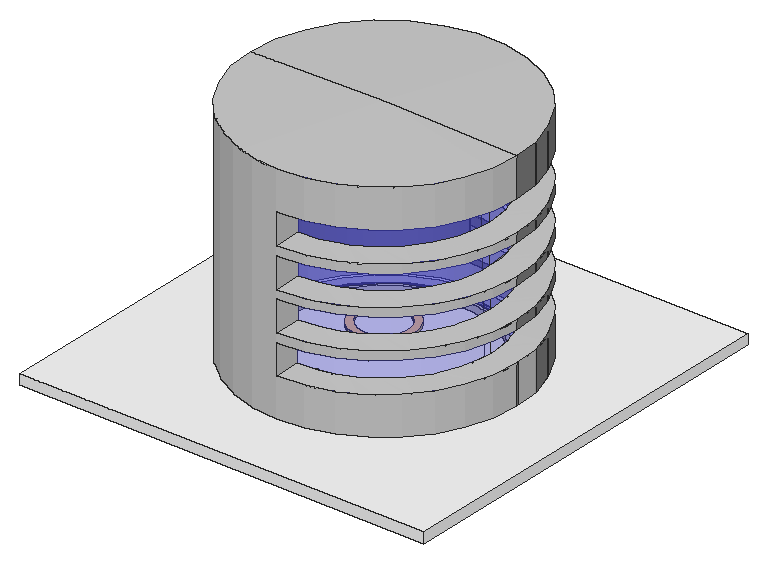
Revit family "BE_99778_de_DE", category Leuchten, Revit 2015
Parameters (values of type "BEGA_99778_Silber_K4")
  built-in parameter 1150104 = 12.482 (stored number, unit not read)
  Werkzeuglos = ""
  Wattage = 29.4 W
  Default Elevation = 0 mm
  built-in parameter 1150113 = 1 (stored number, unit not read)
  built-in parameter 1114218 = 1 (stored number, unit not read)
  Umgebungstemperatur = "25 °C"
  URL = "http://www.bega.de/produkt/99778"
  Typenkommentare = "© 2015 BEGA. Wir behalten uns das Recht vor, technische Änderungen ohne vorherige Ankündigung vorzunehmen."  # constant formula
  Type Image = 99778.png
  built-in parameter 1150134 = 12
  built-in parameter 1150109 = 1 (stored number, unit not read)
  Strom = ""
  built-in parameter 1150110 = 1 (stored number, unit not read)
  Spannung = 0 V
  Sonderanfertigung = no
  Seriennummer [instance] = "Hier können Sie die eindeutige Seriennummer für das Facility Management eintragen."
  Schutzklasse = "I"
  Schutzart = "IP 65"
  Scheinlast = 0 VA
  Produktdatenblatt = "http://www.bega.de/download/datenblaetter/de/99778.pdf"
  Oberflächentemperatur = ""
  Neigungswinkel = 0.00°
  Modell = "99778AK4"
  Material_18 = BEGA_Gummi_schwarz
  Material_17 = BEGA_Reflektor
  Material_15 = BEGA_Leuchtmedium_matt
  Material_11 = BEGA_Glas_opal
  Material_06 = BEGA_Oberfläche_Edelstahl_gebürstet
  Material_02 = BEGA_Oberfläche_Silber_matt
  Material_01 [instance] = BEGA_Oberfläche_Grafit_matt
  M_G = no
  M_A = yes
  Logo = 0
  built-in parameter 1114217 = 1 (stored number, unit not read)
  built-in parameter 1150139 = (empty or 0)
  built-in parameter 1150105 = 314.32 (stored number, unit not read)
  built-in parameter 1150114 = 1 (stored number, unit not read)
  Lumens = 3949.89 lm
  built-in parameter 1150115 = 1 (stored number, unit not read)
  Leuchtenlichtstrom = "768 lm"
  Leuchtenanzahl = ""
  Lebensdauerkriterien = "L70 = 50.000 h"
  Lastklassifizierung = Beleuchtung
  built-in parameter 1150112 = 1 (stored number, unit not read)
  Lampenlichtstrom = "3950 lm"
  Lampe = "LED 29.4 W"
  LED_Modulbezeichnung = "LED-0556/840"
  built-in parameter 1150142 = (empty or 0)
  Hersteller = "BEGA"  # constant formula
  Gewicht = ""
  Gebrauchslageneinschränkung [instance] = ""
  Frequenz = "0/50-60 Hz"
  Farbwiedergabeindex = "Ra > 80"
  Farbtemperaturverschiebung bei Dämpfen der Lampe = <Keine Auswahl>
  Farbtemperatur = "4000 K"
  Color Filter = 16777215
  built-in parameter 1150133 = 10 (stored number, unit not read)
  Energieeffizienzklasse = "LED A++ - A"
  built-in parameter 1150137 = (empty or 0)
  built-in parameter 1150132 = (empty or 0)
  ENEC = ""
  Datei für fotometrisches Netz = "BE_99778K4.IES"
  CE_Konformität = "ja"
  Bestellnummer = "99778AK4"
  Beschreibung_Sonderanfertigung = "Hier können Sie Informationen zur Sonderanfertigung eintragen."
  Beschreibung = "Pollerleuchtenkopf"
  built-in parameter 1150106 = 3.1432 (stored number, unit not read)
  BEGA_Intern_aus = yes
  BEGA_Intern_an = yes
  BEGA_Intern_Konstruktion = yes
  BEGA_Intern = yes
  BEGA_IES = yes
  BEGA_Dummy = no
  Anschlussleistung [instance] = "1.0 m X05BQ-F 5 G 1²"
  built-in parameter 1150107 = 4000 (stored number, unit not read)
  built-in parameter 1150102 = (empty or 0)
  built-in parameter 1150138 = (empty or 0)
  Aktualisierung = "2015-12-08T04:08:23"
  AC/DC = "AC/DC"
Types (5, lengths in mm): name | built-in parameter 1150134 | Modell | M_G | M_A | LED_Modulbezeichnung | Farbtemperatur | Datei für fotometrisches Netz | Bestellnummer | built-in parameter 1150107
  (no name) | 12 | "99778AK4" | no | yes | "LED-0556/840" | "4000 K" | "BE_99778K4.IES" | "99778AK4" | 4000 (stored number, unit not read)
  BEGA_99778_Grafit_K4 | 12 | "99778K4" | yes | no | "LED-0556/840" | "4000 K" | "BE_99778K4.IES" | "99778K4" | 4000 (stored number, unit not read)
  BEGA_99778_Grafit_K3 | (empty or 0) | "99778" | yes | no | "LED-0556/830" | "3000 K" | "BE_99778.IES" | "99778" | 3000 (stored number, unit not read)
  BEGA_99778_Silber_K4 | 12 | "99778AK4" | no | yes | "LED-0556/840" | "4000 K" | "BE_99778K4.IES" | "99778AK4" | 4000 (stored number, unit not read)
  BEGA_99778_Silber_K3 | (empty or 0) | "99778A" | no | yes | "LED-0556/830" | "3000 K" | "BE_99778.IES" | "99778A" | 3000 (stored number, unit not read)
Reference planes
  plane 1 "Mitte (Vorne/Hinten)": y = 0
  plane 2: z = 0
  plane 3 "Mitte (Links/Rechts)": x = 0
  plane 4 "Links": x = -132
  plane 5 "Rechts": x = 132
  plane 6 "Unten": y = -132.003
  plane 7 "Oben": y = 132
  plane 8 "Vorne": z = 224.104
  plane 9 "Hinten": z = -133.75
Forms (mm)
  Extrusion 1, solid, material "BEGA_Platte_Weiss"
    sketch origin (0, -1119.2, 0) x (1, 0, 0) y (0, 1, 0)
      loop
        line (-200, 1319.2) -> (-200, 919.2) -> (200, 919.2) -> (200, 1319.2) -> (-200, 1319.2)
    from 0 to -10
  Extrusion 2, solid, material "BEGA_Dummy_matt", visible <- "BEGA_Dummy"
    sketch origin (77.149, -76.023, 0) x (1, 0, 0) y (0, 1, 0)
      loop
        circle (-77.149, 76.023) r 132
    from 0 to 25.379
Dimensions and locks
  plane 1 "Mitte (Vorne/Hinten)" to Extrusion 1 = 200 mm
  aligned and locked: plane 2 to Extrusion 1
  aligned and locked: level to Extrusion 1
Nested families
  nested 1: "BE_99778_Pollerkopf" at (0, 0, 0), type "BE_99778_Pollerkopf"
    with BEGA_Infotext_Winkel no
Connectors
  electrical at (0, 0, 0), driven by "Lastklassifizierung", driven by "Spannung", driven by "Scheinlast"
    settings: index 1, voltage 0 V, apparent load 0 VA, apparent load phase1 0 VA, apparent load phase2 0 VA, apparent load phase3 0 VA, power factor 1, load classification "Beleuchtung", number of poles 1, system type 31, power factor state 1, is connector primary yes, connector utility no, sub classification motor no, connector description ""
Definition of nested family "BE_99778_Pollerkopf"
  Parameters (values of type "BE_99778_Pollerkopf")
    Default Elevation = 1 mm
    URL = "http://www.bega.de/de/produkt"
    Type Comments = "© 2015 BEGA. Wir behalten uns das Recht vor, technische Änderungen ohne vorherige Ankündigung vorzunehmen. "  # constant formula
    Type Image = Bega_Revit_Typenbild_78x78.png
    Material_18 = none
    Material_15 = none
    Material_11 = none
    Material_02 = none
    Material_01 = none
    M_G = yes
    M_A = yes
    Länge_Platte = 300 mm  # constant formula
    Höhe_Platte = -10 mm  # constant formula
    Manufacturer = "BEGA"  # constant formula
    Breite_Platte = 300 mm  # constant formula
    BEGA_Infotext_Winkel [instance] = no
    Aktualisierung = "Stand: 25.03.2015"  # constant formula
  Reference planes
    plane 1 "Mitte (Oben/Unten)": y = 0
    plane 2: z = 0
    plane 3 "Mitte (Links/Rechts)": x = 0
    plane 4: x = -132
    plane 5: x = 132
    plane 6: z = 224.104
    plane 7: y = -132.003
    plane 8: y = 132
    plane 9: z = -133.75
  Forms (mm)
    Extrusion 1, solid, detail levels medium
      sketch origin (0, 0, 0) x (1, 0, 0) y (0, 1, 0)
        loop
          line (-150, 150) -> (-150, -150) -> (150, -150) -> (150, 150) -> (-150, 150)
      from 0 to -10 <- "Höhe_Platte"
    Revolve 2, solid, material <- "Material_01", visible <- "M_G", detail levels medium+fine
      sketch origin (0, 0, 0) x (1, 0, 0) y (0, 0, 1)
        loop
          line (0, 223.804) -> (-132, 221.5) -> (-132, 0) -> (-128, 0) -> (-127.424, 33) -> (-107.465, 33) -> (-105, 209.5) -> (-86.85, 209.5) -> (-86.675, 214.5) -> (0, 214.5) -> (0, 223.804)
        axis (0, 223.804) -> (0, 0)
      angle from 0 to 360
    Revolve 3, solid, material <- "Material_11", detail levels medium+fine
      sketch origin (0, 0, 0) x (1, 0, 0) y (0, 0, 1)
        loop
          arc (-95.929, 196.648) -> (-94.123, 200.793) -> (-89.936, 202.5) r 6
          line (-89.936, 202.5) -> (0, 202.5) -> (0, 208.5) -> (-100.465, 208.5)
          arc (-100.465, 208.5) -> (-102.568, 207.64) -> (-103.464, 205.552) r 3
          line (-103.464, 205.552) -> (-107, 3) -> (-101, 3) -> (-95.929, 196.648)
        axis (0, 208.5) -> (0, 3)
      angle from 0 to 360
    Revolve 4, solid, material <- "Material_01", visible <- "M_G", detail levels medium+fine
      sketch origin (0, 0, 0) x (1, 0, 0) y (0, 0, 1)
        loop
          line (-116.636, -33) -> (-113.865, -30.229) -> (-113.693, -25.5) -> (-98.202, -25.5) -> (-97.592, -42.946)
          arc (-97.592, -42.946) -> (-97.273, -43.969) -> (-96.471, -44.681) r 2
          line (-96.471, -44.681) -> (-92.729, -46.5) -> (-89.105, -46.5)
          arc (-89.105, -46.5) -> (-88.411, -46.22) -> (-88.106, -45.537) r 1
          line (-88.106, -45.537) -> (-88.034, -43.464)
          arc (-88.034, -43.464) -> (-87.729, -42.78) -> (-87.034, -42.5) r 1
          line (-87.034, -42.5) -> (-33.611, -42.5) -> (-32.5, -55.2) -> (-29.5, -55.2) -> (-28.389, -42.5) -> (-6, -42.5) -> (-6, -38) -> (-93.163, -38)
          arc (-93.163, -38) -> (-93.857, -37.72) -> (-94.162, -37.036) r 1
          line (-94.162, -37.036) -> (-95.7, 7) -> (-98.621, 7) -> (-98.9, -1) -> (-108, -1) -> (-108.105, 2) -> (-121, 2) -> (-121, -8) -> (-117.5, -8) -> (-117.5, -27.5) -> (-120.5, -30.5) -> (-120.5, -33) -> (-116.636, -33)
        axis (0, 7) -> (0, -55.2)
      angle from 0 to 360
    Revolve 5, solid, material <- "Material_01", visible <- "M_G", detail levels medium+fine
      sketch origin (0, 0, 0) x (1, 0, 0) y (0, 0, 1)
        loop
          line (-33.8, -59.2) -> (-29.3, -59.2) -> (-28.596, -99.544)
          arc (-28.596, -99.544) -> (-27.848, -101.283) -> (-26.096, -102) r 2.5
          line (-26.096, -102) -> (-12.587, -102) -> (-12.5, -107) -> (-7.691, -107) -> (-7.6, -100.2) -> (-24.749, -100.2)
          arc (-24.749, -100.2) -> (-26.151, -99.627) -> (-26.749, -98.235) r 2
          line (-26.749, -98.235) -> (-27.5, -55.2) -> (-33.87, -55.2) -> (-33.8, -59.2)
        axis (0, -55.2) -> (0, -107)
      angle from 0 to 360
    Revolve 6, solid, material <- "Material_18", detail levels medium+fine
      sketch origin (0, 0, 0) x (1, 0, 0) y (0, 0, 1)
        loop
          line (0, -133.75) -> (0, -102) -> (-6.93, -102) -> (-6.93, -107.75) -> (-9.5, -107.75) -> (-9.5, -112.75) -> (-7.6, -112.75) -> (-7.6, -118.25) -> (-9.5, -118.25) -> (-9.5, -128.154) -> (-9.197, -129.55)
          arc (-9.197, -129.55) -> (-7.967, -132.52) -> (-4.997, -133.75) r 4.2
          line (-4.997, -133.75) -> (0, -133.75)
        axis (0, -102) -> (0, -133.75)
      angle from 0 to 360
    Extrusion 7, solid, material <- "Material_15", detail levels medium+fine
      sketch origin (0, 0, 0) x (1, 0, 0) y (0, 1, 0)
        loop
          circle (0, 0) r 30.5
        loop
          circle (0, 0) r 23.629
      from 27 to 29.32
    Revolve 8, void
      sketch origin (0, 0, 0) x (1, 0, 0) y (0, 0, 1)
        loop
          line (142.531, 183.868) -> (104.69, 182.546) -> (104.69, 154.454) -> (142.531, 153.132) -> (142.531, 183.868)
        loop
          line (105.053, 144.059) -> (105.544, 115.924) -> (142.531, 114.632) -> (142.531, 145.368) -> (105.053, 144.059)
        loop
          line (105.905, 105.589) -> (105.905, 77.411) -> (142.531, 76.132) -> (142.531, 106.868) -> (105.905, 105.589)
        loop
          line (106.265, 67.101) -> (106.758, 38.882) -> (142.531, 37.632) -> (142.531, 68.368) -> (106.265, 67.101)
        axis (0, 183.868) -> (0, 37.632)
      angle from -90 to 90
    Revolve 9, solid, material <- "Material_02", visible <- "M_A", detail levels medium+fine
      sketch origin (0, 0, 0) x (1, 0, 0) y (0, 0, 1)
        loop
          line (0, 223.804) -> (-132, 221.5) -> (-132, 0) -> (-128, 0) -> (-127.424, 33) -> (-107.465, 33) -> (-105, 209.5) -> (-86.85, 209.5) -> (-86.675, 214.5) -> (0, 214.5) -> (0, 223.804)
        axis (0, 223.804) -> (0, 0)
      angle from 0 to 360
    Revolve 10, solid, material <- "Material_02", visible <- "M_A", detail levels medium+fine
      sketch origin (0, 0, 0) x (1, 0, 0) y (0, 0, 1)
        loop
          line (-116.636, -33) -> (-113.865, -30.229) -> (-113.693, -25.5) -> (-98.202, -25.5) -> (-97.592, -42.946)
          arc (-97.592, -42.946) -> (-97.273, -43.969) -> (-96.471, -44.681) r 2
          line (-96.471, -44.681) -> (-92.729, -46.5) -> (-89.105, -46.5)
          arc (-89.105, -46.5) -> (-88.411, -46.22) -> (-88.106, -45.537) r 1
          line (-88.106, -45.537) -> (-88.034, -43.464)
          arc (-88.034, -43.464) -> (-87.729, -42.78) -> (-87.034, -42.5) r 1
          line (-87.034, -42.5) -> (-33.611, -42.5) -> (-32.5, -55.2) -> (-29.5, -55.2) -> (-28.389, -42.5) -> (-6, -42.5) -> (-6, -38) -> (-93.163, -38)
          arc (-93.163, -38) -> (-93.857, -37.72) -> (-94.162, -37.036) r 1
          line (-94.162, -37.036) -> (-95.7, 7) -> (-98.621, 7) -> (-98.9, -1) -> (-108, -1) -> (-108.105, 2) -> (-121, 2) -> (-121, -8) -> (-117.5, -8) -> (-117.5, -27.5) -> (-120.5, -30.5) -> (-120.5, -33) -> (-116.636, -33)
        axis (0, 7) -> (0, -55.2)
      angle from 0 to 360
    Revolve 11, solid, material <- "Material_02", visible <- "M_A", detail levels medium+fine
      sketch origin (0, 0, 0) x (1, 0, 0) y (0, 0, 1)
        loop
          line (-33.8, -59.2) -> (-29.3, -59.2) -> (-28.596, -99.544)
          arc (-28.596, -99.544) -> (-27.848, -101.283) -> (-26.096, -102) r 2.5
          line (-26.096, -102) -> (-12.587, -102) -> (-12.5, -107) -> (-7.691, -107) -> (-7.6, -100.2) -> (-24.749, -100.2)
          arc (-24.749, -100.2) -> (-26.151, -99.627) -> (-26.749, -98.235) r 2
          line (-26.749, -98.235) -> (-27.5, -55.2) -> (-33.87, -55.2) -> (-33.8, -59.2)
        axis (0, -55.2) -> (0, -107)
      angle from 0 to 360
  Cuts and joins
    Revolve 8 cuts Revolve 2
    Revolve 8 cuts Revolve 9
  Dimensions and locks
    equal spacing: Extrusion 1 sketch curve, plane 3 "Mitte (Links/Rechts)", Extrusion 1 sketch curve
    equal spacing: Extrusion 1 sketch curve, plane 1 "Mitte (Oben/Unten)", Extrusion 1 sketch curve
    "Länge_Platte": Extrusion 1 sketch curve to Extrusion 1 sketch curve
    "Breite_Platte": Extrusion 1 sketch curve to Extrusion 1 sketch curve
    plane 1 "Mitte (Oben/Unten)" to Extrusion 1 = 150 mm  (x3)
    aligned and locked: Extrusion 1 to plane 2
    aligned and locked: level to Extrusion 1
  Automatic sketch dimensions
    Revolve 3 sketch curve to Revolve 3 sketch curve = 3 mm
    Revolve 3 sketch curve to Revolve 3 sketch curve = 0.052 mm
    level to Revolve 3 sketch curve = 3 mm
    Revolve 3 sketch curve to Revolve 3 sketch curve = 6 mm  (x2)
    Revolve 3 sketch curve to Revolve 3 sketch curve = 0 mm  (x2)
    Revolve 3 sketch curve to Revolve 3 sketch curve = 4.536 mm
    Revolve 3 sketch curve to Revolve 3 sketch curve = 5.998 mm
    Revolve 3 sketch curve to Revolve 3 sketch curve = 0.005 mm
    Revolve 3 sketch curve to plane 3 "Mitte (Links/Rechts)" = 0 mm  (x2)
    Revolve 4 sketch curve to level = 42.946 mm
    Revolve 4 sketch curve to plane 3 "Mitte (Links/Rechts)" = 97.592 mm
    Revolve 4 sketch curve to level = 44.681 mm
    Revolve 4 sketch curve to Revolve 4 sketch curve = 1.121 mm
    Revolve 4 sketch curve to Revolve 4 sketch curve = 1.999 mm
    Revolve 4 sketch curve to level = 25.5 mm
    Revolve 4 sketch curve to Revolve 4 sketch curve = 0.609 mm
    Revolve 4 sketch curve to Revolve 4 sketch curve = 15.492 mm
    Revolve 4 sketch curve to level = 30.229 mm
    Revolve 4 sketch curve to Revolve 4 sketch curve = 0.171 mm
    Revolve 4 sketch curve to Revolve 4 sketch curve = 2.771 mm
    Revolve 4 sketch curve to Revolve 4 sketch curve = 3.807 mm
    Revolve 4 sketch curve to level = 27.5 mm
    Revolve 4 sketch curve to Revolve 4 sketch curve = 3.864 mm
    Revolve 4 sketch curve to level = 30.5 mm
    level to Revolve 4 sketch curve = 7 mm
    Revolve 4 sketch curve to Revolve 4 sketch curve = 21.8 mm
    Revolve 4 sketch curve to level = 37.036 mm
    Revolve 4 sketch curve to Revolve 4 sketch curve = 1.431 mm
    Revolve 4 sketch curve to Revolve 4 sketch curve = 3.743 mm
    Revolve 4 sketch curve to Revolve 4 sketch curve = 2.5 mm
    Revolve 4 sketch curve to level = 8 mm
    Revolve 4 sketch curve to Revolve 4 sketch curve = 0.999 mm  (x3)
    Revolve 4 sketch curve to Revolve 4 sketch curve = 0.036 mm  (x2)
    Revolve 4 sketch curve to plane 3 "Mitte (Links/Rechts)" = 6 mm
    Revolve 4 sketch curve to Revolve 4 sketch curve = 4.695 mm
    Revolve 4 sketch curve to Revolve 4 sketch curve = 0.072 mm
    Revolve 4 sketch curve to Revolve 4 sketch curve = 27.611 mm
    Revolve 4 sketch curve to Revolve 4 sketch curve = 2.072 mm
    Revolve 4 sketch curve to Revolve 4 sketch curve = 0.037 mm
    Revolve 4 sketch curve to Revolve 4 sketch curve = 1.111 mm
    Revolve 4 sketch curve to Revolve 4 sketch curve = 3 mm
    Revolve 4 sketch curve to Revolve 4 sketch curve = 5.222 mm
    Revolve 4 sketch curve to Revolve 4 sketch curve = 12.7 mm
    Revolve 4 sketch curve to Revolve 4 sketch curve = 0 mm
    Revolve 4 sketch curve to Revolve 4 sketch curve = 4.5 mm
    level to Revolve 4 sketch curve = 2 mm
    Revolve 4 sketch curve to Revolve 4 sketch curve = 12.405 mm
    Revolve 4 sketch curve to level = 1 mm
    Revolve 4 sketch curve to Revolve 4 sketch curve = 0.105 mm
    Revolve 4 sketch curve to Revolve 4 sketch curve = 3.2 mm
    Revolve 4 sketch curve to Revolve 4 sketch curve = 2.921 mm
    Revolve 4 sketch curve to Revolve 4 sketch curve = 3.5 mm
    Revolve 5 sketch curve to plane 3 "Mitte (Links/Rechts)" = 33.87 mm
    Revolve 5 sketch curve to Revolve 5 sketch curve = 0.07 mm
    Revolve 5 sketch curve to plane 3 "Mitte (Links/Rechts)" = 26.749 mm
    Revolve 5 sketch curve to Revolve 5 sketch curve = 0.653 mm
    Revolve 5 sketch curve to Revolve 5 sketch curve = 1.347 mm  (x2)
    Revolve 5 sketch curve to Revolve 5 sketch curve = 4.5 mm
    Revolve 5 sketch curve to Revolve 5 sketch curve = 1.847 mm
    Revolve 5 sketch curve to Revolve 5 sketch curve = 0 mm  (x7)
    Revolve 5 sketch curve to Revolve 5 sketch curve = 1.8 mm  (x2)
    Revolve 5 sketch curve to Revolve 5 sketch curve = 4 mm
    Revolve 5 sketch curve to Revolve 5 sketch curve = 12.162 mm
    Revolve 5 sketch curve to Revolve 5 sketch curve = 0.087 mm
    Revolve 5 sketch curve to Revolve 5 sketch curve = 4.809 mm
    Revolve 5 sketch curve to Revolve 5 sketch curve = 4.987 mm
    Revolve 5 sketch curve to Revolve 5 sketch curve = 5 mm
    Revolve 3 sketch curve to Revolve 3 sketch curve = 193.5 mm
    Revolve 3 sketch curve to Revolve 3 sketch curve = 0.148 mm
    Revolve 3 sketch curve to Revolve 3 sketch curve = 8.852 mm
    Revolve 3 sketch curve to Revolve 3 sketch curve = 2400.558 mm
    Revolve 3 sketch curve to plane 3 "Mitte (Links/Rechts)" = 89.931 mm
    Revolve 3 sketch curve to plane 3 "Mitte (Links/Rechts)" = 101 mm
    Revolve 3 sketch curve to level = 609.6 mm
    Revolve 5 sketch curve to plane 3 "Mitte (Links/Rechts)" = 0 mm
    Revolve 5 sketch curve to level = 107 mm
    Revolve 5 sketch curve to Revolve 5 sketch curve = 0.7 mm
    Revolve 5 sketch curve to Revolve 5 sketch curve = 1.265 mm
    Revolve 5 sketch curve to Revolve 5 sketch curve = 39.035 mm
    Revolve 5 sketch curve to Revolve 5 sketch curve = 502.6 mm
    plane 6 to Revolve 5 sketch curve = 2384.954 mm
    Revolve 6 sketch curve to plane 9 = 0 mm
    Revolve 6 sketch curve to plane 3 "Mitte (Links/Rechts)" = 0 mm  (x2)
    Revolve 6 sketch curve to plane 3 "Mitte (Links/Rechts)" = 4.997 mm
    Revolve 6 sketch curve to Revolve 6 sketch curve = 6.93 mm
    Revolve 6 sketch curve to Revolve 6 sketch curve = 0.67 mm
    plane 9 to Revolve 6 sketch curve = 4.2 mm
    Revolve 6 sketch curve to Revolve 6 sketch curve = 4.2 mm
    Revolve 6 sketch curve to Revolve 6 sketch curve = 1.9 mm  (x2)
    Revolve 6 sketch curve to Revolve 6 sketch curve = 0 mm  (x3)
    Revolve 6 sketch curve to Revolve 6 sketch curve = 1.396 mm
    Revolve 6 sketch curve to Revolve 6 sketch curve = 9.904 mm
    Revolve 6 sketch curve to Revolve 6 sketch curve = 5.5 mm
    Revolve 6 sketch curve to Revolve 6 sketch curve = 5 mm
    Revolve 6 sketch curve to Revolve 6 sketch curve = 5.75 mm
    Revolve 6 sketch curve to Revolve 6 sketch curve = 475.85 mm
    plane 6 to Revolve 6 sketch curve = 2384.954 mm
    Extrusion 7 sketch curve to Extrusion 7 sketch curve = 0 mm  (x2)
    plane 1 "Mitte (Oben/Unten)" to Extrusion 7 sketch curve = 0 mm
    Extrusion 7 sketch curve to plane 3 "Mitte (Links/Rechts)" = 0 mm
    plane 4 to Revolve 2 sketch curve = 0 mm
    Revolve 2 sketch curve to level = 0 mm
    Revolve 2 sketch curve to plane 3 "Mitte (Links/Rechts)" = 0 mm  (x2)
    Revolve 2 sketch curve to Revolve 2 sketch curve = 4 mm
    Revolve 2 sketch curve to plane 6 = 14.604 mm
    Revolve 2 sketch curve to plane 4 = 27 mm
    Revolve 2 sketch curve to Revolve 2 sketch curve = 18.15 mm
    Revolve 2 sketch curve to plane 6 = 9.604 mm
    Revolve 2 sketch curve to Revolve 2 sketch curve = 0.175 mm
    Revolve 2 sketch curve to plane 6 = 2.604 mm
    Revolve 2 sketch curve to plane 6 = 0.3 mm
    Revolve 2 sketch curve to plane 4 = 24.535 mm
    Revolve 2 sketch curve to plane 9 = 475.85 mm
    Revolve 2 sketch curve to Revolve 2 sketch curve = 33 mm
    plane 6 to Revolve 2 sketch curve = 2384.954 mm
    Revolve 2 sketch curve to plane 4 = 4.576 mm
    Revolve 8 sketch curve to plane 5 = 27.31 mm
    Revolve 8 sketch curve to plane 5 = 26.095 mm
    Revolve 8 sketch curve to Revolve 8 sketch curve = 0.36 mm
    level to Revolve 8 sketch curve = 67.101 mm
    Revolve 8 sketch curve to Revolve 8 sketch curve = 1.266 mm
    Revolve 8 sketch curve to Revolve 8 sketch curve = 10.31 mm
    Revolve 8 sketch curve to Revolve 8 sketch curve = 28.178 mm
    Revolve 8 sketch curve to Revolve 8 sketch curve = 10.335 mm
    Revolve 8 sketch curve to Revolve 8 sketch curve = 28.135 mm
    Revolve 8 sketch curve to Revolve 8 sketch curve = 30.736 mm  (x2)
    Revolve 8 sketch curve to Revolve 8 sketch curve = 10.395 mm
    Revolve 8 sketch curve to Revolve 8 sketch curve = 28.093 mm
    Revolve 8 sketch curve to plane 5 = 25.242 mm
    plane 5 to Revolve 8 sketch curve = 10.531 mm  (x3)
    Revolve 8 sketch curve to Revolve 8 sketch curve = 28.22 mm
    Revolve 8 sketch curve to Revolve 8 sketch curve = 1.249 mm
    Revolve 8 sketch curve to Revolve 8 sketch curve = 1.321 mm
    Revolve 8 sketch curve to Revolve 8 sketch curve = 0.361 mm
    Revolve 8 sketch curve to Revolve 8 sketch curve = 7.764 mm  (x3)
    Revolve 8 sketch curve to Revolve 8 sketch curve = 0 mm
    Revolve 8 sketch curve to Revolve 8 sketch curve = 0.363 mm
    plane 4 to Revolve 9 sketch curve = 0 mm
    Revolve 9 sketch curve to level = 0 mm
    Revolve 9 sketch curve to plane 3 "Mitte (Links/Rechts)" = 0 mm  (x2)
    Revolve 9 sketch curve to Revolve 9 sketch curve = 4 mm
    Revolve 9 sketch curve to plane 4 = 4.576 mm
    Revolve 9 sketch curve to Revolve 9 sketch curve = 19.959 mm
    Revolve 9 sketch curve to plane 4 = 27 mm
    Revolve 9 sketch curve to plane 6 = 14.604 mm
    Revolve 9 sketch curve to Revolve 9 sketch curve = 18.15 mm
    Revolve 9 sketch curve to Revolve 9 sketch curve = 0.175 mm
    level to Revolve 9 sketch curve = 33 mm
    Revolve 9 sketch curve to Revolve 9 sketch curve = 5 mm
    Revolve 9 sketch curve to plane 6 = 2.604 mm
    Revolve 9 sketch curve to plane 6 = 0.3 mm
    Revolve 9 sketch curve to plane 9 = 475.85 mm
    plane 6 to Revolve 9 sketch curve = 2384.954 mm
    plane 3 "Mitte (Links/Rechts)" to Revolve 10 sketch curve = 0 mm
    Revolve 10 sketch curve to plane 3 "Mitte (Links/Rechts)" = 6 mm
    Revolve 10 sketch curve to Revolve 10 sketch curve = 22.389 mm
    Revolve 10 sketch curve to Revolve 10 sketch curve = 1.111 mm
    Revolve 10 sketch curve to Revolve 10 sketch curve = 3 mm  (x3)
    Revolve 10 sketch curve to Revolve 10 sketch curve = 5.222 mm
    Revolve 10 sketch curve to plane 4 = 44.966 mm
    Revolve 10 sketch curve to Revolve 10 sketch curve = 0.999 mm  (x3)
    Revolve 10 sketch curve to Revolve 10 sketch curve = 0.072 mm
    Revolve 10 sketch curve to Revolve 10 sketch curve = 3.623 mm
    Revolve 10 sketch curve to Revolve 10 sketch curve = 5.129 mm
    Revolve 10 sketch curve to Revolve 10 sketch curve = 2.865 mm
    level to Revolve 10 sketch curve = 7 mm
    Revolve 10 sketch curve to plane 4 = 36.3 mm
    Revolve 10 sketch curve to Revolve 10 sketch curve = 0.878 mm
    Revolve 10 sketch curve to Revolve 10 sketch curve = 1.999 mm
    Revolve 10 sketch curve to Revolve 10 sketch curve = 4.039 mm
    Revolve 10 sketch curve to Revolve 10 sketch curve = 2.921 mm
    Revolve 10 sketch curve to level = 1 mm
    Revolve 10 sketch curve to Revolve 10 sketch curve = 0.279 mm
    Revolve 10 sketch curve to Revolve 10 sketch curve = 9.1 mm
    Revolve 10 sketch curve to Revolve 10 sketch curve = 0.105 mm
    Revolve 10 sketch curve to Revolve 10 sketch curve = 15.492 mm
    Revolve 10 sketch curve to Revolve 10 sketch curve = 0.171 mm
    Revolve 10 sketch curve to Revolve 10 sketch curve = 2.771 mm  (x2)
    Revolve 10 sketch curve to Revolve 10 sketch curve = 9.5 mm
    level to Revolve 10 sketch curve = 2 mm
    Revolve 10 sketch curve to Revolve 10 sketch curve = 3.5 mm
    Revolve 10 sketch curve to level = 8 mm
    Revolve 10 sketch curve to Revolve 10 sketch curve = 17.5 mm
    Revolve 10 sketch curve to Revolve 10 sketch curve = 2 mm
    Revolve 10 sketch curve to Revolve 10 sketch curve = 2.729 mm
    Revolve 10 sketch curve to Revolve 10 sketch curve = 11.5 mm
    Revolve 10 sketch curve to Revolve 10 sketch curve = 0.036 mm
    Revolve 10 sketch curve to Revolve 10 sketch curve = 4.5 mm
    Revolve 10 sketch curve to Revolve 10 sketch curve = 0 mm
    Revolve 10 sketch curve to Revolve 10 sketch curve = 4.884 mm
    Revolve 10 sketch curve to Revolve 10 sketch curve = 0.062 mm
    Revolve 10 sketch curve to Revolve 10 sketch curve = 0.964 mm
    Revolve 10 sketch curve to Revolve 10 sketch curve = 2.036 mm
    Revolve 10 sketch curve to Revolve 10 sketch curve = 0.037 mm
    Revolve 10 sketch curve to Revolve 10 sketch curve = 12.7 mm
    Revolve 10 sketch curve to plane 9 = 475.85 mm
    plane 6 to Revolve 10 sketch curve = 2384.954 mm
    plane 3 "Mitte (Links/Rechts)" to Revolve 11 sketch curve = 0 mm
    Revolve 11 sketch curve to plane 3 "Mitte (Links/Rechts)" = 7.6 mm
    Revolve 11 sketch curve to Revolve 11 sketch curve = 0.091 mm
    Revolve 11 sketch curve to Revolve 11 sketch curve = 4.809 mm
    Revolve 11 sketch curve to Revolve 11 sketch curve = 0.087 mm
    Revolve 11 sketch curve to Revolve 11 sketch curve = 12.162 mm
    Revolve 11 sketch curve to Revolve 11 sketch curve = 1.347 mm  (x3)
    Revolve 11 sketch curve to Revolve 11 sketch curve = 0.653 mm
    Revolve 11 sketch curve to plane 3 "Mitte (Links/Rechts)" = 27.5 mm
    Revolve 11 sketch curve to Revolve 11 sketch curve = 1.8 mm  (x2)
    Revolve 11 sketch curve to Revolve 11 sketch curve = 4.5 mm
    Revolve 11 sketch curve to Revolve 11 sketch curve = 0.07 mm
    plane 9 to Revolve 11 sketch curve = 26.75 mm
    Revolve 11 sketch curve to Revolve 11 sketch curve = 5 mm
    Revolve 11 sketch curve to Revolve 11 sketch curve = 0.7 mm
    Revolve 11 sketch curve to Revolve 11 sketch curve = 1.265 mm
    Revolve 11 sketch curve to Revolve 11 sketch curve = 1.3 mm
    Revolve 11 sketch curve to Revolve 11 sketch curve = 39.035 mm
    Revolve 11 sketch curve to Revolve 11 sketch curve = 4 mm
    Revolve 11 sketch curve to Revolve 11 sketch curve = 0 mm  (x5)
    Revolve 11 sketch curve to Revolve 11 sketch curve = 1.847 mm
    Revolve 11 sketch curve to plane 9 = 475.85 mm
    plane 6 to Revolve 11 sketch curve = 2384.954 mm
    radius of Extrusion 7 sketch curve = 30.5 mm
    radius of Extrusion 7 sketch curve = 23.629 mm
